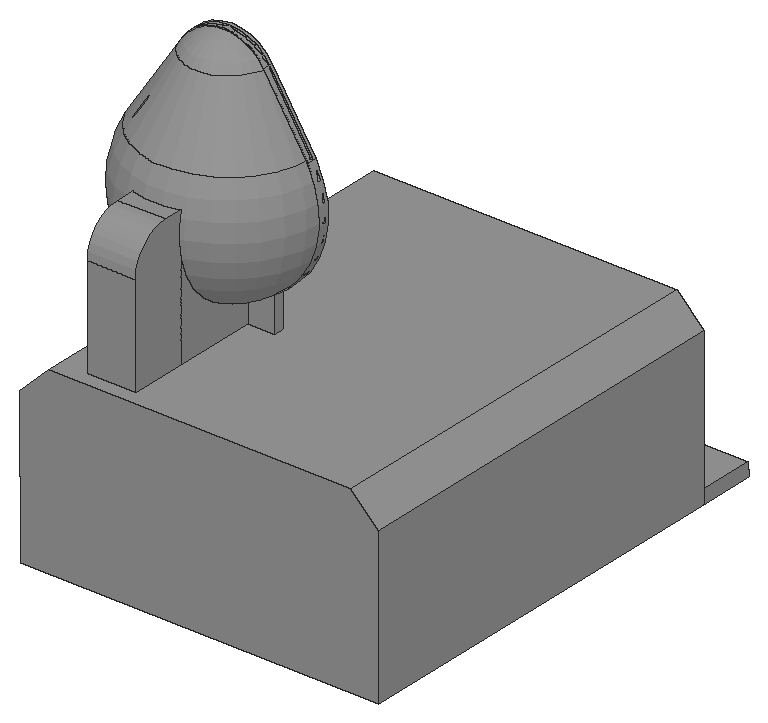
Revit family "Combination-Willoughby-ECW-2696-L-OF", category Plumbing Fixtures, Revit 2015
Parameters (values of type "Standard")
  Waste DIA = 2 3/8"
  Waste Connection = yes
  Vent Connection = no
  URL = "https://www.willoughby-ind.com/wp-content/uploads/2017/12/2696.pdf"
  Type Comments = ""
  Revision = "A"
  Model = "ECW-2696-L-OF"
  Manufacturer = "Willoughby Industries"
  Lav Waste DIA = 1 1/2"
  Lav Waste Connection = yes
  HW Connection = no
  Flush Inlet DIA = 1 1/2"
  Flush Inlet Connection = yes
  Fixture Body = Stainless Steel AISI 304-Willoughby
  Description = "2696 Combination Unit, Wall toilet waste outlet, Left hand toilet, Mounted on the floor"
  Default Elevation = 0' - 0"
  Contact = "(800) 428-4065"
  CW Connection = no
Reference planes (in)
  plane 1 "Center (Front/Back)/Base": y = 0
  plane 2: z = 0
  plane 3 "Center (Left/Right)": x = 0
  plane 4 "Unit Right": x = 13
  plane 5 "Unit Left": x = -13
  plane 6: z = 11.25
  plane 7: z = 13.25
  plane 8 "Front Face Right": x = 11
  plane 9 "Front Face Left": x = -11
  plane 10 "Top Of Unit": y = 36.5
  plane 11 "Top Of Sink": y = 32.5
  plane 12 "LAV C/L": x = -4
  plane 13 "Top Of Seat": y = 15
  plane 14: y = 3
  plane 15: x = 7.25
  plane 16: y = 11.5
  plane 17: y = 20.5
  plane 18: y = 24.25
  plane 19: x = -13
  plane 20: x = 13
  plane 21: x = -11
  plane 22: x = 11
  plane 23 "Top": y = 36.5
  plane 24 "LAV": y = 32.5
  plane 25: x = 4
  plane 26 "Seat HGT": y = 15
  plane 27 "Unit Base Off Floor": y = 3
  plane 28: x = -7.25
  plane 29 "Waste HGT": y = 11.5
  plane 30 "Flush HGT": y = 20.5
  plane 31 "LAv Waste HGT": y = 24.25
  plane 32: z = 25.29762
  plane 33: z = 30.17262
  plane 34: x = -4.274
  plane 35: x = -10.274
  plane 36: z = -3
Forms (in)
  Extrusion 1, solid, material "Stainless Steel AISI 304-Willoughby" <- "Fixture Body"
    sketch origin (0, 0, 0) x (-1, 0, 0) y (0, 0, -1)
      loop
        line (13, 0) -> (-13, 0) -> (-13, -11.25) -> (-11, -13.25) -> (10.952, -13.25) -> (13, -11.202) -> (13, 0)
    from -3 to -32.5
  Extrusion 2, solid, material "Stainless Steel AISI 304-Willoughby" <- "Fixture Body"
    sketch origin (0, 0, 0) x (-1, 0, 0) y (0, 0, -1)
      loop
        line (13, 0) -> (-13, 0) -> (-13, -1) -> (13, -1) -> (13, 0)
    from -32.5 to -36.5
  Revolve 3, void
    sketch origin (0, 32.5, -24) x (0, 0, -1) y (1, 0, 0)
      loop
        spline (-26.375, 4) -> (-26.53685, 5.81173) -> (-27.01138, 7.5) -> (-27.76624, 8.94975) -> (-28.75, 10.06218) -> (-29.89561, 10.76148) -> (-31.125, 11) -> (-32.35439, 10.76148) -> (-33.5, 10.06218) -> (-34.48376, 8.94975) -> (-35.23862, 7.5) -> (-35.71315, 5.81173) -> (-35.875, 4)
        line (-35.875, 4) -> (-26.375, 4)
      axis (-35.875, 4) -> (-26.375, 4)
    angle from 0 to 180
  Revolve 4, solid, material "Stainless Steel AISI 304-Willoughby" <- "Fixture Body"
    sketch origin (0, 20.5, -24) x (0, 0, -1) y (1, 0, 0)
      loop
        line (-23.99335, -7.25) -> (-23.99335, -6.5) -> (-25, -6.5) -> (-25, -7.25) -> (-23.99335, -7.25)
      axis (-23.99335, -7.25) -> (-25, -7.25)
    angle from 0 to 360
  Revolve 5, solid, material "Stainless Steel AISI 304-Willoughby" <- "Fixture Body"
    sketch origin (0, 24.25, -24) x (0, 0, -1) y (1, 0, 0)
      loop
        line (-21, 4) -> (-21, 4.75) -> (-25, 4.75) -> (-25, 4) -> (-21, 4)
      axis (-21, 4) -> (-25, 4)
    angle from 0 to 360
  Revolve 6, solid, material "Stainless Steel AISI 304-Willoughby" <- "Fixture Body"
    sketch origin (0, 11.5, -24) x (0, 0, -1) y (1, 0, 0)
      loop
        line (-21, -7.25) -> (-25, -7.25) -> (-25, -8.4375) -> (-21, -8.4375) -> (-21, -7.25)
      axis (-21, -7.25) -> (-25, -7.25)
    angle from 0 to 360
  Revolve 7, solid, material "Stainless Steel AISI 304-Willoughby" <- "Fixture Body"
    sketch origin (-7.274, 14.75, 9.03888) x (0, 0, -1) y (-1, 0, 0)
      loop
        arc (-16.25875, -6.02566) -> (-9.22764, -6.08019) -> (-5.69625, 0) r 7
        line (-5.69625, 0) -> (-6.19625, 0)
        arc (-6.19625, 0) -> (-9.4731, -5.64458) -> (-15.99973, -5.59794) r 6.5
        line (-15.99973, -5.59794) -> (-20.8721, -2.57392)
        arc (-20.8721, -2.57392) -> (-21.91777, -1.47245) -> (-22.28998, 0) r 3
        line (-22.28998, 0) -> (-22.79, 0)
        arc (-22.79, 0) -> (-22.35472, -1.71553) -> (-21.13577, -2.99875) r 3.5
        line (-21.13577, -2.99875) -> (-16.25875, -6.02566)
      axis (-22.79, 0) -> (-5.69625, 0)
    angle from 0 to 180
  Extrusion 8, solid, material "Stainless Steel AISI 304-Willoughby" <- "Fixture Body"
    sketch origin (-7.274, 14.75, 8.82378) x (0, 0, -1) y (-1, 0, 0)
      loop
        arc (-16.31246, -6.11221) -> (-11.15584, -6.77641) -> (-6.96698, -3.69657) r 6.99024
        line (-6.96698, -3.69657) -> (-4.40074, -3.69657) -> (-4.40074, 3.65625) -> (-6.9421, 3.65625)
        arc (-6.9421, 3.65625) -> (-11.2049, 6.78845) -> (-16.44046, 6.03277) r 6.98205
        line (-16.44046, 6.03277) -> (-21.4104, 2.94819)
        arc (-21.4104, 2.94819) -> (-23.00527, 0) -> (-21.4104, -2.94819) r 3.52237
        line (-21.4104, -2.94819) -> (-16.31246, -6.11221)
      loop
        line (-20.34476, -1.63051) -> (-15.05004, -3.88749)
        arc (-15.05004, -3.88749) -> (-8.1517, 0) -> (-15.05004, 3.88749) r 4.54455
        line (-15.05004, 3.88749) -> (-20.34476, 1.63051)
        arc (-20.34476, 1.63051) -> (-21.22494, 0) -> (-20.34476, -1.63051) r 1.95034
    from 0.25 to -0.5
  Extrusion 9, solid, material "Stainless Steel AISI 304-Willoughby" <- "Fixture Body"
    sketch origin (-7.274, 15, 14.23512) x (0, 1, 0) y (0, 0, 1)
      loop
        line (-6.77192, 9.05193) -> (-8.17415, 9.05193)
        arc (-8.17415, 9.05193) -> (-10.09199, 8.25753) -> (-10.88639, 6.33969) r 2.71224
        line (-10.88639, 6.33969) -> (-10.88639, -1.0106) -> (-6.77192, -1.0106) -> (-6.77192, 9.05193)
    from 1.75 to -1.75
  Extrusion 10, solid, material "Stainless Steel AISI 304-Willoughby" <- "Fixture Body"
    sketch origin (-7.274, 15, 14.23512) x (0, 1, 0) y (0, 0, 1)
      loop
        line (-6.77192, -1.0106) -> (-0.75, -1.0106) -> (-0.75, 0.82799)
        arc (-0.75, 0.82799) -> (-4.5139, 2.48885) -> (-6.77192, 5.92785) r 7.26374
        line (-6.77192, 5.92785) -> (-6.77192, -1.0106)
    from 1.75 to -1.75
Cuts and joins
  Revolve 3 cuts Extrusion 1
Lines and regions (in)
  symbolic lines
    curve 1: line (13, 0, 0) -> (13, 0, 11.25)
    curve 2: line (13, 0, 11.25) -> (11, 0, 13.25)
    curve 3: line (11, 0, 13.25) -> (-10.952, 0, 13.25)
    curve 4: line (-10.952, 0, 13.25) -> (-13, 0, 11.202)
    curve 5: line (-13, 0, 11.202) -> (-13, 0, 0)
    curve 6: line (-13, 0, 0) -> (13, 0, 0)
    curve 10: line (-3.57743, 0, 13.25) -> (-3.57743, 0, 15.79077)
    curve 11: arc (-3.57743, 0, 15.79077) -> (-0.47507, 0, 20.06945) -> (-1.24834, 0, 25.29762) r 7
    curve 12: line (-1.24834, 0, 25.29762) -> (-4.27525, 0, 30.17464)
    curve 13: arc (-4.27525, 0, 30.17464) -> (-7.26776, 0, 31.83937) -> (-10.26027, 0, 30.17464) r 3.52202
    curve 14: line (-10.26027, 0, 30.17464) -> (-13.44042, 0, 25.07565)
    curve 15: arc (-13.44042, 0, 25.07565) -> (-14.03654, 0, 19.92163) -> (-10.93025, 0, 15.76588) r 7.02004
    curve 16: line (-10.93025, 0, 15.76588) -> (-10.93025, 0, 13.26588)
    curve 17: line (-10.93025, 0, 13.26588) -> (-10.93025, 0, 15.76588)
    curve 22: line (0, 3, 0) -> (0, 36.5, 0)
    curve 23: line (0, 36.5, 0) -> (0, 36.5, 1)
    curve 24: line (0, 36.5, 1) -> (0, 32.5, 1)
    curve 25: line (0, 32.5, 1) -> (0, 32.5, 13.25)
    curve 26: line (0, 32.5, 13.25) -> (0, 3, 13.25)
    curve 27: line (0, 3, 13.25) -> (0, 3, 0)
    curve 28: line (0, 4.11361, 13.25) -> (0, 4.11361, 20.57481)
    curve 29: line (0, 6.82585, 23.28705) -> (0, 8.22808, 23.28705)
    curve 30: arc (0, 4.11361, 20.57481) -> (0, 4.90801, 22.49266) -> (0, 6.82585, 23.28705) r 2.71224
    curve 31: line (0, 14.25, 13.25) -> (0, 14.25, 14.75)
    curve 32: line (0, 15, 13.25) -> (0, 15, 31.82905)
    curve 33: line (0, 15, 31.82905) -> (0, 14.25, 31.82905)
    curve 34: arc (0, 14.25, 31.82905) -> (0, 12.82278, 31.26256) -> (0, 11.76289, 30.15147) r 3.58943
    curve 35: line (0, 11.76289, 30.15147) -> (0, 8.72434, 25.29762)
    curve 36: arc (0, 8.72434, 25.29762) -> (0, 8.22981, 24.32804) -> (0, 7.91202, 23.28705) r 6.21501
    curve 37: arc (0, 8.22808, 23.28705) -> (0, 9.4658, 17.87664) -> (0, 14.25, 15.06311) r 7.00803
    curve 38: line (0, 14.25, 15.06311) -> (0, 14.25, 14.75)
    curve 39: line (-13, 3, 0) -> (-13, 36.5, 0)
    curve 40: line (-13, 36.5, 0) -> (13, 36.5, 0)
    curve 41: line (13, 36.5, 0) -> (13, 3, 0)
    curve 42: line (13, 3, 0) -> (-13, 3, 0)
    curve 43: line (-13, 32.5, 0) -> (13, 32.5, 0)
    curve 44: line (-14.27124, 14.25, 0) -> (-14.27124, 15, 0)
    curve 45: line (-14.27124, 15, 0) -> (-0.27515, 15, 0)
    curve 46: line (-0.27515, 15, 0) -> (-0.27515, 14.25, 0)
    curve 47: arc (-0.27515, 14.25, 0) -> (-2.47457, 9.61671, 0) -> (-7.25, 7.74585, 0) r 6.96421
    curve 48: arc (-7.25, 7.74585, 0) -> (-12.02849, 9.62926, 0) -> (-14.27124, 14.25, 0) r 7.07017
    curve 49: line (-5.524, 7.95652, 0) -> (-5.524, 4.11361, 0)
    curve 50: line (-5.524, 4.11361, 0) -> (-9.024, 4.11361, 0)
    curve 51: line (-9.024, 4.11361, 0) -> (-9.024, 7.97883, 0)
  symbolic lines, detail levels medium+fine
    curve 7: line (13, 0, 1) -> (-13, 0, 1)
  symbolic lines, detail levels fine
    curve 8: spline (4, 0, 11.875) -> (2.18827, 0, 11.71315) -> (0.5, 0, 11.23862) -> (-0.94975, 0, 10.48376) -> (-2.06218, 0, 9.5) -> (-2.76148, 0, 8.35439) -> (-3, 0, 7.125) -> (-2.76148, 0, 5.89561) -> (-2.06218, 0, 4.75) -> (-0.94975, 0, 3.76624) -> (0.5, 0, 3.01138) -> (2.18827, 0, 2.53685) -> (4, 0, 2.375)
    curve 9: spline (4, 0, 2.375) -> (5.81173, 0, 2.53685) -> (7.5, 0, 3.01138) -> (8.94975, 0, 3.76624) -> (10.06218, 0, 4.75) -> (10.76148, 0, 5.89561) -> (11, 0, 7.125) -> (10.76148, 0, 8.35439) -> (10.06218, 0, 9.5) -> (8.94975, 0, 10.48376) -> (7.5, 0, 11.23862) -> (5.81173, 0, 11.71315) -> (4, 0, 11.875)
    curve 18: arc (-5.64349, 0, 29.16854) -> (-7.274, 0, 30.04872) -> (-8.90451, 0, 29.16854) r 1.95034
    curve 19: arc (-11.16149, 0, 23.87382) -> (-7.274, 0, 16.97548) -> (-3.38651, 0, 23.87382) r 4.54455
    curve 20: line (-3.38651, 0, 23.87382) -> (-5.64349, 0, 29.16854)
    curve 21: line (-8.90451, 0, 29.16854) -> (-11.16149, 0, 23.87382)
Dimensions and locks (in)
  equal spacing: plane 4 "Unit Right", plane 3 "Center (Left/Right)", plane 5 "Unit Left"
  plane 4 "Unit Right" to plane 5 "Unit Left" = 2' - 2"
  locked: plane 5 "Unit Left" to plane 4 "Unit Right" at 26
  locked: plane 1 "Center (Front/Back)/Base" to plane 13 "Top Of Seat" at 15
  locked: plane 1 "Center (Front/Back)/Base" to plane 11 "Top Of Sink" at 32.5
  locked: plane 1 "Center (Front/Back)/Base" to plane 10 "Top Of Unit" at 36.5
  plane 13 "Top Of Seat" to plane 1 "Center (Front/Back)/Base" = 1' - 3"
  plane 7 to level = 1' - 1 1/4"
  plane 10 "Top Of Unit" to plane 11 "Top Of Sink" = 0' - 4"
  plane 11 "Top Of Sink" to plane 1 "Center (Front/Back)/Base" = 2' - 8 1/2"
  locked: plane 1 "Center (Front/Back)/Base" to plane 16 at 11.5
  locked: plane 1 "Center (Front/Back)/Base" to plane 17 at 20.5
  locked: plane 1 "Center (Front/Back)/Base" to plane 18 at 24.25
  plane 5 "Unit Left" to plane 3 "Center (Left/Right)" to plane 4 "Unit Right" = 1' - 1", 1' - 1"
  equal spacing: plane 19, plane 3 "Center (Left/Right)", plane 20
  locked: plane 20 to plane 19 at 26
  locked: plane 26 "Seat HGT" to plane 1 "Center (Front/Back)/Base" at 15
  locked: plane 28 to plane 19 at 5.75
  plane 28 to plane 19 = 0' - 5 3/4"
  locked: plane 20 to plane 25 at 9
  plane 20 to plane 3 "Center (Left/Right)" to plane 19 = 1' - 1", 1' - 1"
  plane 1 "Center (Front/Back)/Base" to plane 27 "Unit Base Off Floor" = 0' - 3"
  plane 34 to plane 35 = 0' - 6"
  aligned and locked: Extrusion 2 to plane 19
  aligned and locked: plane 20 to Extrusion 2
  aligned and locked: plane 20 to Extrusion 1
  aligned and locked: Extrusion 1 to plane 19
  aligned and locked: Extrusion 1 to Extrusion 2
  aligned and locked: Extrusion 2 to plane 23 "Top"
  aligned and locked: plane 24 "LAV" to Extrusion 2
  aligned and locked: Extrusion 1 to plane 24 "LAV"
  aligned and locked: plane 25 to Revolve 3 sketch curve
  aligned and locked: Revolve 5 sketch curve to Revolve 5 sketch curve  (x2)
Automatic sketch dimensions
  Extrusion 1 sketch curve to level = 0' - 0"
  Extrusion 1 sketch curve to plane 4 "Unit Right" = 0' - 0"
  Extrusion 1 sketch curve to plane 7 = 0' - 0"
  Extrusion 1 sketch curve to plane 8 "Front Face Right" = 0' - 0"
  Extrusion 1 sketch curve to plane 5 "Unit Left" = 0' - 0"
  Extrusion 1 sketch curve to plane 6 = 0' - 0"
  Extrusion 1 sketch curve to plane 9 "Front Face Left" = 0' - 0.048"
  plane 6 to Extrusion 1 sketch curve = 0' - 0.048"
  Extrusion 2 sketch curve to level = 0' - 0"
  Extrusion 2 sketch curve to plane 4 "Unit Right" = 0' - 0"
  Extrusion 2 sketch curve to plane 5 "Unit Left" = 0' - 0"
  Extrusion 2 sketch curve to level = 0' - 1"
  plane 25 to Revolve 3 sketch curve = 0' - 0"
  Revolve 3 sketch curve to plane 6 = 0' - 0 5/8"
  Revolve 3 sketch curve to level = 0' - 2 3/8"
  Revolve 3 sketch curve to Revolve 3 sketch curve = 0' - 0"  (x2)
  Revolve 3 sketch curve to plane 12 "LAV C/L" = 0' - 1"
  plane 28 to Revolve 4 sketch curve = 0' - 0"  (x2)
  Revolve 4 sketch curve to level = 0' - 1"
  plane 28 to Revolve 4 sketch curve = 0' - 0 3/4"
  level to Revolve 4 sketch curve = 0' - 0.00665"
  Revolve 4 sketch curve to Revolve 4 sketch curve = 0' - 0"
  Revolve 4 sketch curve to Revolve 4 sketch curve = 0' - 2.99335"
  plane 25 to Revolve 5 sketch curve = 0' - 0"
  Revolve 5 sketch curve to level = 0' - 1"
  plane 25 to Revolve 5 sketch curve = 0' - 0 3/4"
  level to Revolve 5 sketch curve = 0' - 3"
  Revolve 5 sketch curve to Revolve 5 sketch curve = 0' - 0.01976"
  plane 28 to Revolve 6 sketch curve = 0' - 0"  (x2)
  Revolve 6 sketch curve to level = 0' - 1"
  Revolve 6 sketch curve to plane 28 = 0' - 1 3/16"
  level to Revolve 6 sketch curve = 0' - 3"
  Revolve 6 sketch curve to Revolve 6 sketch curve = 0' - 0"  (x2)
  Revolve 7 sketch curve to Revolve 7 sketch curve = 0' - 0"  (x6)
  Revolve 7 sketch curve to plane 3 "Center (Left/Right)" = 0' - 7.274"  (x3)
  Revolve 7 sketch curve to plane 32 = 0' - 0"
  Revolve 7 sketch curve to plane 3 "Center (Left/Right)" = 0' - 7.24905"
  Revolve 7 sketch curve to plane 33 = 0' - 1.84366"
  Revolve 7 sketch curve to plane 33 = 0' - 0.26165"
  plane 33 to Revolve 7 sketch curve = 0' - 0.00202"
  plane 33 to Revolve 7 sketch curve = 0' - 1 5/32"
  Revolve 7 sketch curve to Revolve 7 sketch curve = 0' - 0 1/2"  (x2)
  Revolve 7 sketch curve to plane 32 = 0' - 0.25901"
  Revolve 7 sketch curve to plane 32 = 0' - 3 9/16"
  plane 7 to Revolve 7 sketch curve = 0' - 1.98512"
  Extrusion 8 sketch curve to plane 3 "Center (Left/Right)" = 0' - 7.274"  (x3)
  plane 25 to Extrusion 8 sketch curve = 0' - 8.32581"
  plane 7 to Extrusion 8 sketch curve = 1' - 4.98418"
  Extrusion 8 sketch curve to plane 12 "LAV C/L" = 0' - 6.22219"
  Extrusion 8 sketch curve to plane 3 "Center (Left/Right)" = 0' - 5.64349"
  Extrusion 8 sketch curve to Extrusion 8 sketch curve = 0' - 1.06564"
  Extrusion 8 sketch curve to plane 3 "Center (Left/Right)" = 0' - 8.90451"
  Extrusion 8 sketch curve to Extrusion 8 sketch curve = 0' - 0.86186"
  Extrusion 8 sketch curve to Extrusion 8 sketch curve = 0' - 0.2083"
  plane 28 to Extrusion 8 sketch curve = 0' - 6.05677"
  Extrusion 8 sketch curve to Extrusion 8 sketch curve = 0' - 4.96994"
  Extrusion 8 sketch curve to plane 15 = 0' - 8.41179"
  Extrusion 8 sketch curve to Extrusion 8 sketch curve = 0' - 5.09794"
  Extrusion 8 sketch curve to plane 12 "LAV C/L" = 0' - 7.16149"
  Extrusion 8 sketch curve to Extrusion 8 sketch curve = 0' - 1.39042"
  plane 25 to Extrusion 8 sketch curve = 0' - 7.38651"
  Extrusion 8 sketch curve to plane 3 "Center (Left/Right)" = 0' - 7.26539"
  Extrusion 8 sketch curve to Extrusion 8 sketch curve = 0' - 2.14484"
  Extrusion 8 sketch curve to Extrusion 8 sketch curve = 0' - 0.00561"
  Extrusion 8 sketch curve to Extrusion 8 sketch curve = 0' - 0.20334"
  plane 25 to Extrusion 8 sketch curve = 0' - 7.57743"
  Extrusion 8 sketch curve to plane 12 "LAV C/L" = 0' - 6.93025"
  plane 7 to Extrusion 8 sketch curve = 0' - 2.51588"
  Extrusion 8 sketch curve to plane 7 = 0' - 0.02547"
  plane 14 to Extrusion 9 sketch curve = 0' - 1.11361"
  Extrusion 9 sketch curve to Extrusion 9 sketch curve = 0' - 2.71224"
  Extrusion 9 sketch curve to plane 7 = 0' - 0.02547"
  Extrusion 9 sketch curve to plane 16 = 0' - 3.27192"
  plane 7 to Extrusion 9 sketch curve = 0' - 7.32481"
  Extrusion 10 sketch curve to plane 7 = 0' - 0.02547"
  Extrusion 10 sketch curve to plane 16 = 0' - 3.27192"
  Extrusion 10 sketch curve to plane 13 "Top Of Seat" = 0' - 0 3/4"
  plane 13 "Top Of Seat" to Extrusion 10 sketch curve = 0' - 0.18041"
  plane 7 to Extrusion 10 sketch curve = 0' - 1.81311"
  Extrusion 10 sketch curve to Extrusion 10 sketch curve = 0' - 6.93845"
  curve 4 to plane 5 "Unit Left" = 0' - 0"
  curve 3 to plane 7 = 0' - 0"
  plane 25 to curve 9 = 0' - 0"
  curve 2 to plane 8 "Front Face Right" = 0' - 0"
  curve 7 to plane 4 "Unit Right" = 0' - 0"
  curve 1 to level = 0' - 0"
  curve 1 to plane 6 = 0' - 0"
  curve 14 to plane 5 "Unit Left" = 0' - 0.44042"
  plane 9 "Front Face Left" to curve 3 = 0' - 0.048"
  curve 3 to curve 16 = 0' - 0.02175"
  plane 9 "Front Face Left" to curve 14 = 0' - 0.73973"
  plane 28 to curve 19 = 0' - 0.024"
  plane 28 to curve 11 = 0' - 0.024"
  plane 28 to curve 18 = 0' - 0.024"
  plane 28 to curve 13 = 0' - 0.01776"
  plane 28 to curve 15 = 0' - 0.00855"
  curve 20 to plane 28 = 0' - 1.60651"
  curve 12 to plane 12 "LAV C/L" = 0' - 0.27525"
  plane 12 "LAV C/L" to curve 10 = 0' - 0.42257"
  plane 12 "LAV C/L" to curve 20 = 0' - 0.61349"
  curve 12 to plane 3 "Center (Left/Right)" = 0' - 1.24834"
  curve 4 to plane 6 = 0' - 0.048"
  plane 7 to curve 16 = 0' - 0.01588"
  curve 16 to curve 17 = 0' - 2 1/2"
  curve 10 to curve 10 = 0' - 2.54077"
  curve 15 to curve 19 = 0' - 5.75415"
  curve 19 to curve 11 = 0' - 0.21509"
  curve 11 to curve 15 = 0' - 0.01404"
  curve 20 to curve 11 = 0' - 1.4238"
  curve 19 to curve 18 = 0' - 4.22456"
  curve 18 to curve 13 = 0' - 0.21897"
  curve 13 to curve 20 = 0' - 0.8512"
  curve 18 to curve 12 = 0' - 1.0061"
  curve 21 to plane 9 "Front Face Left" = 0' - 0.16149"
  plane 28 to curve 21 = 0' - 1.65451"
  curve 5 to curve 7 = 0' - 1"
  level to curve 9 = 0' - 2 3/8"
  curve 8 to plane 6 = 0' - 4 1/8"
  curve 22 to level = 0' - 0"
  curve 22 to plane 14 = 0' - 0"
  curve 28 to plane 7 = 0' - 0"
  curve 32 to plane 13 "Top Of Seat" = 0' - 0"
  curve 25 to plane 11 "Top Of Sink" = 0' - 0"
  curve 23 to plane 10 "Top Of Unit" = 0' - 0"
  plane 14 to curve 28 = 0' - 1.11361"
  plane 14 to curve 29 = 0' - 3.82585"
  curve 29 to curve 29 = 0' - 1.40223"
  curve 37 to curve 35 = 0' - 0.49626"
  plane 16 to curve 35 = 0' - 0.26289"
  curve 36 to plane 13 "Top Of Seat" = 0' - 1.00773"
  curve 33 to plane 13 "Top Of Seat" = 0' - 0 3/4"
  curve 34 to plane 13 "Top Of Seat" = 0' - 0.17004"
  plane 13 "Top Of Seat" to curve 37 = 0' - 0.12005"
  level to curve 24 = 0' - 1"
  plane 7 to curve 30 = 0' - 7.32481"
  curve 36 to curve 29 = 0' - 1.2872"
  curve 36 to curve 37 = 0' - 0.01707"
  curve 37 to curve 35 = 0' - 2.01057"
  curve 37 to curve 34 = 0' - 6.26986"
  curve 34 to curve 35 = 0' - 1.86469"
  curve 31 to plane 13 "Top Of Seat" = 0' - 0 3/4"
  curve 31 to curve 37 = 0' - 0.31311"
  curve 45 to plane 13 "Top Of Seat" = 0' - 0"
  curve 40 to plane 5 "Unit Left" = 0' - 0"
  curve 47 to plane 28 = 0' - 0"
  curve 48 to plane 28 = 0' - 0"
  curve 42 to plane 4 "Unit Right" = 0' - 0"
  curve 39 to plane 14 = 0' - 0"
  curve 43 to plane 11 "Top Of Sink" = 0' - 0"
  curve 40 to plane 10 "Top Of Unit" = 0' - 0"
  curve 44 to plane 5 "Unit Left" = 0' - 1.27124"
  curve 47 to plane 28 = 0' - 0.02585"
  curve 48 to plane 28 = 0' - 0.02624"
  curve 50 to plane 12 "LAV C/L" = 0' - 1.524"
  curve 46 to plane 3 "Center (Left/Right)" = 0' - 0.27515"
  plane 14 to curve 50 = 0' - 1.11361"
  curve 44 to plane 13 "Top Of Seat" = 0' - 0 3/4"
  curve 46 to curve 45 = 0' - 0 3/4"
  curve 48 to curve 51 = 0' - 0.23298"
Connectors (in)
  piping at (4, 24.25, -3), diameter 1.5, driven by "Lav Waste DIA", driven by "Lav Waste Connection"
    settings: on Revolve 5, index 4, connector inside diameter 24", connector length 0' - 0", flow factor 0, pipe flow 0 GPM, pressure drop 0.00 psi, fitting loss kfactor 0, connector angle 0.00°, fixture units 0, engagement length 0' - 0", angle of deflection 0.00°, flow configuration 0, flow direction 2, fitting loss method 0, system type 16, joint type 0, gender type 0, connector reference index -1, connector utility 1, adjustable connector no, is connector primary yes, connector description "Sink Waste"
  piping at (-7.25, 20.5, -0.00665), diameter 1.5, driven by "Flush Inlet DIA", driven by "Flush Inlet Connection"
    settings: on Revolve 4, index 5, connector inside diameter 24", connector length 0' - 0", flow factor 0, pipe flow 0 GPM, pressure drop 0.00 psi, fitting loss kfactor 0, connector angle 0.00°, fixture units 0, engagement length 0' - 0", angle of deflection 0.00°, flow configuration 0, flow direction 1, fitting loss method 0, system type 20, joint type 0, gender type 0, connector reference index -1, connector utility 1, adjustable connector no, is connector primary no, connector description "Flush Inlet"
  piping at (-7.25, 11.5, -3), diameter 2.375, driven by "Waste Connection", driven by "Waste DIA"
    settings: on Revolve 6, index 6, connector inside diameter 24", connector length 0' - 0", flow factor 0, pipe flow 0 GPM, pressure drop 0.00 psi, fitting loss kfactor 0, connector angle 0.00°, fixture units 0, engagement length 0' - 0", angle of deflection 0.00°, flow configuration 0, flow direction 2, fitting loss method 0, system type 16, joint type 0, gender type 0, connector reference index -1, connector utility 1, adjustable connector no, is connector primary no, connector description "Toilet Waste"
